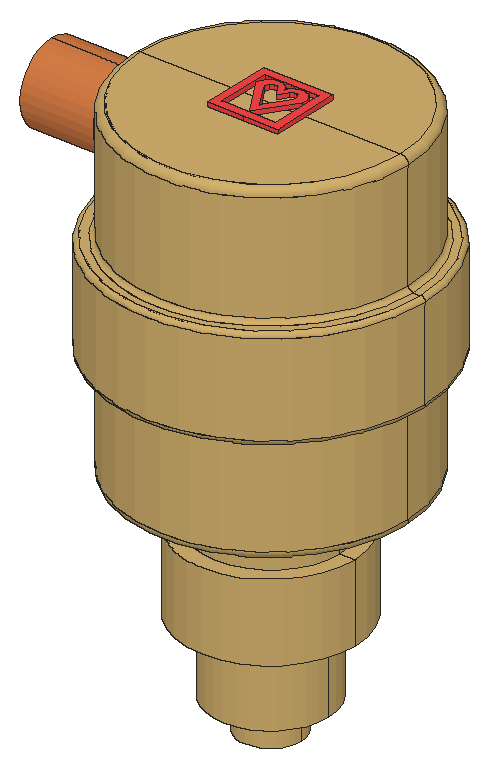
Revit family "Air Release Valve with check valve WE 2630 11 (12)", category Rohrzubehör, Revit 2020
Family settings
  Bemaßung runder Anschluss = Durchmesser verwenden
  Teiletyp = Normal
  OmniClass-Nummer = 23.65.55.14
  OmniClass-Titel = Valves for Liquid Services
  Arbeitsebenenbasiert = Nein
  Immer vertikal = Ja
  Beim Laden mit Abzugskörper schneiden = Nein
  Gemeinsam genutzt = Nein
Parameters
  min. Operating temperature = 0 °C  # constant formula
  max. Structual pressure = 1000000.0 Pa  # constant formula
  max. Operating temperature = 110 °C  # constant formula
  max. Operating pressure = 1000000.0 Pa  # constant formula
  Vorgabe-Ansicht = 0.000 mm
  Part number [instance] = if(Nennweite = 10.000 mm, 1263011, if(Nennweite = 15.000 mm, 1263012, 0))  # 1263012
  Float ball = "polypropylene "  # constant formula
  SW = 11.000 mm  # constant formula
  SCRNSEQ = "AWI;AWI_TYP=\"1013\";1"
  SCRNCODE = "05;14;01"  # constant formula
  S05 = 19.000 mm  # constant formula
  S04 = 16.500 mm  # constant formula
  S03 = 24.500 mm  # constant formula
  S02 = 11.000 mm  # constant formula
  S01 = 56.000 mm  # constant formula
  Backflow preventer housing = "brass CW617N, EN 12165"  # constant formula
  URL = "www.herzvalves.com"
  R02 = 0.600 mm  # constant formula
  R01 = 1.000 mm  # constant formula
  Nennweite [instance] = 15.000 mm
  Medium = "water purity in accordance with the ÖNORM H 5195 and VDI 2035 standards"
  L04 = L02 - L03  # 18.800 mm
  L03 = 9.500 mm  # constant formula
  L02 = 28.300 mm  # constant formula
  L01 = 4.000 mm  # constant formula
  Hersteller = "Herz-Armaturen GmbH"  # constant formula
  H11 = 10.000 mm  # constant formula
  H10 = 2.500 mm  # constant formula
  H09 [instance] = if(Nennweite = 10.000 mm, 30.000 mm, 26.000 mm)  # 26.000 mm
  H08 = H00 - 1.000 mm  # 55.000 mm
  H07 = H00 - 7.500 mm  # 48.500 mm
  H06 = 2.500 mm  # constant formula
  H05 = 9.000 mm  # constant formula
  H04 = 14.500 mm  # constant formula
  H03 = 15.500 mm  # constant formula
  H02 = 13.000 mm  # constant formula
  H01 = 9.500 mm  # constant formula
  H00 = 56.000 mm  # constant formula
  Housing = "machined brass acc. to EN 12165, CW617N"  # constant formula
  G1 [instance] = Nennweite / 2  # 7.500 mm
  G = 5.000 mm  # constant formula
  Sealing = "EPDM"  # constant formula
  Lid = "forged brass acc. to EN 12165, CW617N"  # constant formula
  D08 = 4.000 mm  # constant formula
  D07 = 9.000 mm  # constant formula
  D06 = 3.400 mm  # constant formula
  D05 = 5.100 mm  # constant formula
  D04 = 12.500 mm  # constant formula
  D03 = 11.000 mm  # constant formula
  D02 = 20.000 mm  # constant formula
  D01 = 17.800 mm  # constant formula
  External threaded connectors = "acc. to ISO 228"  # constant formula
  Field of application = "HERZ - Air vent is used for venting of the central heating installations. The air vent should be placed nearby the boiler or at the highest points of installation. Installations must be carried out in such a way that the retention of air bubbles in a certain part of installation is not possible. Before usage, unscrew the polypropylene cover cap on the lid for 2 to 3 turns. In case of uncontrolled medium leakage, tighten the cover cap. The air vent must be cleaned or replaced. We always recommend to use backflow preventer for easy service and replacement of the air vent. The air vents 1 2630 1X have a STOP function that prevents the entry of ambient air into the central heating installation."
  Cover cap = "ABS plastic, red colour"  # constant formula
Reference planes
  plane 1 "Mitte (Vorne/hinten)": y = 0
  plane 2: z = 0
  plane 3 "Mitte (Links/rechts)": x = 0
Forms (mm)
  Revolve 1, solid, material "Messing", detail levels fine
    sketch origin (0, 0, 0) x (1, 0, 0) y (0, 0, 1)
      loop
        line (0, 56) -> (-16.8, 56)
        arc (-16.8, 56) -> (-17.507, 55.707) -> (-17.8, 55) r 1
        line (-17.8, 55) -> (-17.8, 41.1)
        arc (-17.8, 41.1) -> (-17.976, 40.676) -> (-18.4, 40.5) r 0.6
        line (-18.4, 40.5) -> (-19.4, 40.5)
        arc (-19.4, 40.5) -> (-19.824, 40.324) -> (-20, 39.9) r 0.6
        line (-20, 39.9) -> (-20, 28.1)
        arc (-20, 28.1) -> (-19.824, 27.676) -> (-19.4, 27.5) r 0.6
        line (-19.4, 27.5) -> (-18.4, 27.5)
        arc (-18.4, 27.5) -> (-17.976, 27.324) -> (-17.8, 26.9) r 0.6
        line (-17.8, 26.9) -> (-17.8, 14)
        arc (-17.8, 14) -> (-17.507, 13.293) -> (-16.8, 13) r 1
        line (-16.8, 13) -> (-13.8, 13) -> (-9, 9.5) -> (-5, 9.5) -> (-5, 0) -> (0, 0) -> (0, 56)
      axis (0, 56) -> (0, 0)
    angle from 0 to 360
  Revolve 2, solid, material "Messing", detail levels fine
    sketch origin (0, 0, 0) x (1, 0, 0) y (0, 0, 1)
      loop
        line (0, 48.5) -> (0, 51.9) -> (-18.8, 51.9) -> (-18.8, 48.5) -> (0, 48.5)
      axis (-18.8, 48.5) -> (0, 48.5)
    angle from 0 to 360
  Revolve 3, solid, material "Kunststoff-ORANGE", detail levels fine
    sketch origin (0, 0, 0) x (1, 0, 0) y (0, 0, 1)
      loop
        line (-28.3, 48.5) -> (-18.8, 48.5) -> (-18.8, 53.6) -> (-28.3, 53.6) -> (-28.3, 48.5)
      axis (-28.3, 48.5) -> (-18.8, 48.5)
    angle from 0 to 360
  Revolve 4, solid, material "Messing", detail levels fine
    sketch origin (0, 0, 0) x (1, 0, 0) y (0, 0, 1)
      loop
        line (-5, 9.5) -> (-9, 9.5) -> (-9, 7) -> (-11, 7) -> (-11, -3) -> (-7.5, -3) -> (-7.5, -12.5) -> (-4, -12.5) -> (-4, -16.5) -> (0, -16.5) -> (0, 0) -> (-5, 0) -> (-5, 9.5)
      axis (0, 9.5) -> (0, -16.5)
    angle from 0 to 360
Lines and regions (mm)
  model lines, detail levels coarse+medium
    curve 1: line (0, 0, 56) -> (-12.587, 0, 43.413)
    curve 2: line (0, 0, 56) -> (12.587, 0, 43.413)
    curve 3: circle (0, 0, 31.5) r 11 normal (0, -1, 0)
    curve 4: line (0, 0, 42.5) -> (0, 0, 56)
    curve 5: line (0, 0, 20.5) -> (0, 0, 0)
    curve 6: line (-9.5, 0, 0) -> (9.5, 0, 0)
    curve 7: line (9.5, 0, 0) -> (-8.886, 0, -16.5)
    curve 8: line (-8.886, 0, -16.5) -> (10.114, 0, -16.5)
    curve 9: circle (-8.886, 0, -16.5) r 5 normal (0, -1, 0)
    curve 10: line (0, 0, 56) -> (0, -12.587, 43.413)
    curve 11: line (0, 0, 56) -> (0, 12.587, 43.413)
    curve 12: circle (0, 0, 31.5) r 11 normal (1, 0, 0)
    curve 13: line (0, -9.5, 0) -> (0, 9.5, 0)
    curve 14: line (0, 9.5, 0) -> (0, -9.5, -16.5)
    curve 15: line (0, -9.5, -16.5) -> (0, 9.5, -16.5)
    curve 16: circle (0, -9.5, -16.5) r 5 normal (1, 0, 0)
    curve 17: line (0, 56, 0) -> (-12.587, 43.413, 0)
    curve 18: line (-12.587, 43.413, 0) -> (0, 56, 0)
    curve 19: line (0, 56, 0) -> (12.587, 43.413, 0)
    curve 20: circle (0, 31.5, 0) r 11 normal (0, 0, 1)
    curve 21: line (0, 42.5, 0) -> (0, 56, 0)
    curve 22: line (0, 20.5, 0) -> (0, 0, 0)
    curve 23: line (-9.5, 0, 0) -> (9.5, 0, 0)
    curve 24: line (9.5, 0, 0) -> (-9.5, -16.5, 0)
    curve 25: line (-9.5, -16.5, 0) -> (9.5, -16.5, 0)
    curve 26: circle (-9.5, -16.5, 0) r 5 normal (0, 0, 1)
Dimensions and locks
  "H02": Revolve 1 sketch curve to Revolve 1 sketch curve
  "H03": Revolve 1 sketch curve to Revolve 1 sketch curve
  "H04": Revolve 1 sketch curve to Revolve 1 sketch curve
  "L01": Revolve 1 sketch curve to Revolve 1 sketch curve  (x2)
  "D01": Revolve 1 sketch curve to Revolve 1 sketch curve  (x2)
  "D02": Revolve 1 sketch curve to Revolve 1 sketch curve
  "H07": Revolve 2 sketch curve to plane 2
  "D06": Revolve 2 sketch curve to Revolve 2 sketch curve
  "L02": plane 3 "Mitte (Links/rechts)" to Revolve 3 sketch curve
  "L03": Revolve 3 sketch curve to Revolve 3 sketch curve
  "D05": Revolve 3 sketch curve to Revolve 3 sketch curve
  "H07": Revolve 3 sketch curve to plane 2
  "L04": plane 3 "Mitte (Links/rechts)" to Revolve 2 sketch curve
  "H08": nested 1 to plane 2
  "G": Revolve 1 sketch curve to Revolve 1 sketch curve
  "H00": Revolve 1 sketch curve to Revolve 1 sketch curve
  "H01": Revolve 1 sketch curve to Revolve 1 sketch curve
  "G1": Revolve 4 sketch curve to Revolve 4 sketch curve
  "D07": Revolve 4 sketch curve to Revolve 4 sketch curve
  "D08": Revolve 4 sketch curve to Revolve 4 sketch curve
  "H09": Revolve 4 sketch curve to Revolve 4 sketch curve
  "H01": Revolve 4 sketch curve to Revolve 4 sketch curve  (x2)
  "H10": Revolve 4 sketch curve to Revolve 4 sketch curve
  "H11": Revolve 4 sketch curve to Revolve 4 sketch curve
  "SW": Revolve 4 sketch curve to Revolve 4 sketch curve
  "G": Revolve 4 sketch curve to Revolve 4 sketch curve
  "S01": curve 4 to plane 2
  "D01": curve 1 to curve 1
  "D01": curve 2 to curve 2
  "S03": curve 4 to curve 3
  "S05": curve 6 to curve 7
  "S05": curve 8 to curve 8
  "S04": curve 6 to curve 8
  "S01": curve 11 to plane 2
  "D01": curve 10 to curve 10
  "D01": curve 11 to curve 11
  "S03": curve 11 to curve 12
  "S04": curve 15 to curve 13
  "S05": curve 13 to curve 14
  "S05": curve 15 to curve 15
  "S01": plane 1 "Mitte (Vorne/hinten)" to curve 19
  "S03": curve 19 to curve 20
  "D01": curve 18 to curve 18
  "D01": curve 19 to curve 19
  "S05": curve 23 to curve 24
  "S05": curve 25 to curve 24
  "S04": curve 25 to curve 23
  "R01": radius of Revolve 1 sketch curve  (x2)
  "R02": radius of Revolve 1 sketch curve  (x4)
  "S02": radius of curve 3
  "S02": radius of curve 12
  "S02": radius of curve 20
  angle curve 1 to curve 4 = 45.00°
  angle curve 4 to curve 2 = 45.00°
  angle curve 10 to plane 1 "Mitte (Vorne/hinten)" = 45.00°
  angle plane 1 "Mitte (Vorne/hinten)" to curve 11 = 45.00°
  angle curve 18 to curve 21 = 45.00°
  angle curve 21 to curve 19 = 45.00°
  aligned and locked: level to plane 2
Automatic sketch dimensions
  curve 13 to level = 0.000 mm
  curve 10 to plane 1 "Mitte (Vorne/hinten)" = 0.000 mm
  curve 12 to plane 1 "Mitte (Vorne/hinten)" = 0.000 mm
  plane 1 "Mitte (Vorne/hinten)" to curve 14 = 9.500 mm
  curve 16 to curve 14 = 0.000 mm  (x2)
  curve 13 to plane 1 "Mitte (Vorne/hinten)" = 9.500 mm
  curve 6 to level = 0.000 mm
  curve 4 to plane 3 "Mitte (Links/rechts)" = 0.000 mm
  curve 5 to plane 3 "Mitte (Links/rechts)" = 0.000 mm
  curve 3 to plane 3 "Mitte (Links/rechts)" = 0.000 mm
  curve 9 to plane 3 "Mitte (Links/rechts)" = 8.886 mm
  curve 8 to curve 9 = 0.000 mm
  plane 3 "Mitte (Links/rechts)" to curve 6 = 9.500 mm
  curve 9 to curve 7 = 0.000 mm
  plane 1 "Mitte (Vorne/hinten)" to curve 23 = 0.000 mm
  curve 21 to plane 3 "Mitte (Links/rechts)" = 0.000 mm
  curve 22 to plane 3 "Mitte (Links/rechts)" = 0.000 mm
  curve 20 to plane 3 "Mitte (Links/rechts)" = 0.000 mm
  curve 26 to plane 3 "Mitte (Links/rechts)" = 9.500 mm
  curve 24 to curve 26 = 0.000 mm
  curve 22 to curve 23 = 9.500 mm
  curve 26 to curve 24 = 0.000 mm
  Revolve 1 sketch curve to level = 0.000 mm
  Revolve 1 sketch curve to plane 3 "Mitte (Links/rechts)" = 0.000 mm
  plane 3 "Mitte (Links/rechts)" to Revolve 1 sketch curve = 0.000 mm
  Revolve 1 sketch curve to Revolve 1 sketch curve = 2000.000 mm
  Revolve 1 sketch curve to Revolve 1 sketch curve = 1932.500 mm
  Revolve 2 sketch curve to plane 3 "Mitte (Links/rechts)" = 0.000 mm  (x2)
  Revolve 2 sketch curve to Revolve 2 sketch curve = 0.000 mm  (x2)
  Revolve 3 sketch curve to Revolve 3 sketch curve = 0.000 mm  (x3)
  Revolve 4 sketch curve to level = 0.000 mm
  Revolve 4 sketch curve to plane 3 "Mitte (Links/rechts)" = 0.000 mm  (x2)
  Revolve 4 sketch curve to Revolve 4 sketch curve = 340.545 mm
  Revolve 4 sketch curve to Revolve 4 sketch curve = 2204.815 mm
  radius of curve 16 = 5.000 mm
  radius of curve 9 = 5.000 mm
  radius of curve 26 = 5.000 mm
Nested families
  nested 1: "Herz-Logo" at (0, 0, 55), type "Herz-Logo", detail levels fine
Connectors
  piping at (0, 0, -12.5), diameter 15, driven by "Nennweite"
    settings: on Revolve 4, index 1, connector inside diameter 609.6 mm, connector length 0.000 mm, flow factor 0, pipe flow 0.0 L/s, pressure drop 0.0 Pa, fitting loss kfactor 0, connector angle 0.00°, fixture units 0, engagement length 0.000 mm, angle of deflection 0.00°, flow configuration 0, flow direction 0, fitting loss method 0, system type 7, joint type 0, gender type 0, connector reference index -1, connector utility 0, adjustable connector no, is connector primary yes, connector description ""
Definition of nested family "Herz-Logo"
  Parameters (values of type "Herz-Logo")
    Default Elevation = 0.000 mm
  Reference planes
    plane 1 "Mitte (Vorne/hinten)": y = 0
    plane 2: z = 0
    plane 3 "Mitte (Links/rechts)": x = 0
  Forms (mm)
    Extrusion 1, solid
      sketch origin (0, 0, 0) x (1, 0, 0) y (0, 1, 0)
        loop
          line (-0.018, -4.517) -> (4.482, -4.517) -> (4.482, 4.483) -> (-4.518, 4.483) -> (-4.518, -4.517) -> (-0.018, -4.517)
        loop
          line (-0.05, -3.48) -> (3.482, -3.48) -> (3.482, 3.483) -> (-3.518, 3.483) -> (-3.518, -3.48) -> (-0.05, -3.48)
        loop
          arc (-0.018, 2.383) -> (-1.543, 3.287) -> (-3.067, 2.383) r 1.738
          arc (-3.067, 2.383) -> (-3.191, 1.899) -> (-3.067, 1.415) r 1.009
          line (-3.067, 1.415) -> (-0.018, -3.281) -> (3.032, 1.415)
          arc (3.032, 1.415) -> (3.156, 1.899) -> (3.032, 2.383) r 1.009
          arc (3.032, 2.383) -> (1.507, 3.287) -> (-0.018, 2.383) r 1.738
        loop
          arc (1.885, 1.272) -> (2.005, 1.675) -> (1.885, 2.079) r 0.74
          arc (1.885, 2.079) -> (1.265, 2.416) -> (0.644, 2.079) r 0.74
          line (0.644, 2.079) -> (-0.018, 0.97) -> (-0.679, 2.079)
          arc (-0.679, 2.079) -> (-1.3, 2.416) -> (-1.921, 2.079) r 0.74
          arc (-1.921, 2.079) -> (-2.04, 1.675) -> (-1.921, 1.272) r 0.74
          line (-1.921, 1.272) -> (-0.018, -1.658) -> (1.885, 1.272)
      from 0 to 1.5
  Dimensions and locks
    aligned and locked: level to plane 2
